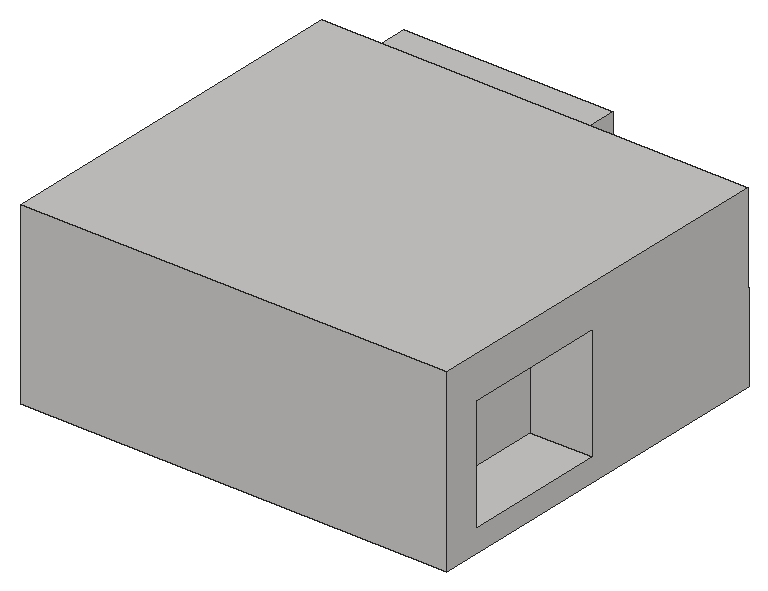
Revit family
Parameters
  Width = 3' - 0 1/8"
  Voltage = 277 V
  Unit Weight = "145.0 lbs"
  UltraLoc Liner = Choose Liner Option = 3  # no
  URL = "http://www.titus-hvac.com/"
  UL = "181"
  Supply Air Flow [instance] = 0 CFM
  SteriLoc Liner = Choose Liner Option = 2  # no
  Primary Air Pressure Drop [instance] = 0.00 in-wg
  Primary Air Flow [instance] = 0 CFM
  Plenum Air Pressure Drop [instance] = 0.00 in-wg
  Plenum Air Flow [instance] = 0 CFM
  Outlet Width = 1' - 2"
  Outlet Vertical Offset = 0' - 1 1/8"
  Outlet Horizontal Offset = 0' - 1 3/8"
  Outlet Height = 0' - 11"
  Number of Poles = 1
  Nominal Width = Width + 0' 6 1/4"  # 3' - 6 3/8"
  Nominal Length = Length + 0' 3 3/8"  # 3' - 8 1/4"
  Nominal Inlet Size = 0' - 8"
  Nominal Height = 1' - 5 1/8"
  NFPA = "90A"
  Motor Full Load Amps = 1.3 A
  Model = "DTQS"
  Min. Air Flow = 0 CFM
  Max. Air Flow = 0 CFM
  Material = Galvanized Steel
  Manufacturer = "Titus"
  Length = 3' - 4 7/8"
  Juction Box Offset = 0' - 2 7/8"
  Inlet Diameter = Nominal Inlet Size - 0' 0 1/8"  # 0' - 7 7/8"
  Induced Air Inlet Offset = 0' - 4 1/2"
  Induced Air Inlet Width = 1' - 1 1/4"
  Induced Air Inlet Height = 1' - 2 1/2"
  Induced Air Filter = no
  Heating Total Capacity [instance] = 0 Btu/h
  Half Outlet Connection Width = Outlet Width / 2  # 0' - 7"
  Half Outlet Connection Height = Outlet Height / 2  # 0' - 5 1/2"
  Half Height Start = -(Nominal Height / 2)  # -0' - 8 9/16"
  Half Height End = Nominal Height / 2  # 0' - 8 9/16"
  HP-Motor = "1/6"
  Frequency = 60 Hz
  Filter Size = "19\"x17\""
  Fiber Free Liner = Choose Liner Option = 1  # no
  Fan Disconnect Switch = no
  Duct Radius = Nominal Inlet Size / 2  # 0' - 4"
  Description = "Series Fan Powered Terminal Unit, Direct Digital Control, Pressure Independent"
  Connection Void Radius = Connection Radius - 0' 0 1/4"  # 0' - 3 11/16"
  Connection Radius = Inlet Diameter / 2  # 0' - 3 15/16"
  Choose Liner Option = 0
  CADworks URL = "www.CADworks.net"
  Assembly Code = "D3040100"
  Apparent Power = Voltage * Motor Full Load Amps  # 360.1 VA
  Air Inlet Offset = 0' - 6"
  1/2" Fiberglass Liner = Choose Liner Option = 0  # yes
Reference planes (in)
  plane 1 "Center (Front/Back)": y = 0
  plane 2: z = 0
  plane 3 "Center (Left/Right)": x = 3
  plane 4: x = -17.4375
  plane 5: x = 23.4375
  plane 6: x = -14.5625
  plane 7: x = -20.8125
  plane 8 "Center (Elevation)": z = 0
  plane 9: y = -18.0625
  plane 10: y = 18.0625
  plane 11: y = 12.0625
  plane 12: y = -13.5625
  plane 13: x = -11.4375
  plane 14: x = 17.4375
  plane 15: y = 24.3125
  plane 16: z = 8.5625
  plane 17: z = -8.5625
Forms (in)
  Extrusion 1, solid, material "Galvanized Steel" <- "Material"
    sketch origin (61, -3.76302, 78.80279) x (1, 0, 0) y (0, 1, 0)
      loop
        line (-78.4375, 21.82552) -> (-78.4375, -14.29948) -> (-37.5625, -14.29948) -> (-37.5625, 21.82552) -> (-78.4375, 21.82552)
    from -87.36529 <- "Half Height Start" to -70.24029 <- "Half Height End"
  Extrusion 2, solid, material "Galvanized Steel" <- "Material"
    sketch origin (4.0625, 0, 42) x (1, 0, 0) y (0, 1, 0)
      loop
        line (-18.625, 18.0625) -> (1.375, 18.0625) -> (1.375, 24.3125) -> (-18.625, 24.3125) -> (-18.625, 18.0625)
    from -48 to -36
  Extrusion 3, void
    sketch origin (23.4375, 18.0625, 76.42779) x (0, 1, 0) y (0, 0, -1)
      loop
        line (-18.625, 71.86529) -> (-18.625, 82.86529) -> (-32.625, 82.86529) -> (-32.625, 71.86529) -> (-18.625, 71.86529)
    from 0 to 6
  Extrusion 4, solid, material "Galvanized Steel" <- "Material"
    sketch origin (-24.875, -0.4375, 0) x (0, 0, -1) y (0, 1, 0)
      loop
        circle (0, 12.5) r 3.9375
    from 4.0625 to 7.4375
  Extrusion 5, void
    sketch origin (-24.875, 0, 0) x (0, 1, 0) y (0, 0, 1)
      loop
        circle (12.0625, 0) r 3.6875
    from 4.0625 to 13.4375
  Extrusion 6, void
    sketch origin (-17.4375, -18.0625, 78.67779) x (0, -1, 0) y (0, 0, -1)
      loop
        line (-17.75, 71.49029) -> (-4.5, 71.49029) -> (-4.5, 85.99029) -> (-17.75, 85.99029) -> (-17.75, 71.49029)
    from 0 to 6
Cuts and joins
  Extrusion 3, Extrusion 5, Extrusion 6 cuts Extrusion 1
  Extrusion 5 cuts Extrusion 4
Dimensions and locks (in)
  "Length": plane 5 to plane 4
  equal spacing: plane 5, plane 3 "Center (Left/Right)", plane 4
  locked: Extrusion 2 to plane 6 at 0
  locked: Extrusion 2 to Extrusion 2 at 20
  "Juction Box Offset": plane 6 to plane 4
  "Outlet Height": Extrusion 3 sketch curve to Extrusion 3 sketch curve
  "Outlet Width": Extrusion 3 sketch curve to Extrusion 3 sketch curve
  locked: plane 4 to plane 7 at 3.375
  "Width": plane 9 to plane 10
  equal spacing: plane 9, plane 1 "Center (Front/Back)", plane 10
  locked: Extrusion 4 sketch curve to level at 0
  locked: Extrusion 4 sketch curve to plane 11 at 0
  locked: Extrusion 5 sketch curve to level at 0
  locked: Extrusion 5 sketch curve to plane 11 at 0
  locked: Extrusion 2 to Extrusion 2 at 6.25
  "Air Inlet Offset": plane 10 to plane 11
  locked: Extrusion 2 to plane 10 at 0
  locked: cut or joined group of Extrusion 4, Extrusion 5 to plane 7 at 0
  locked: cut or joined group of Extrusion 4, Extrusion 5 to cut or joined group of Extrusion 4, Extrusion 5 at 3.375
  "Induced Air Inlet Offset": plane 9 to plane 12
  "Induced Air Inlet Width": Extrusion 6 sketch curve to Extrusion 6 sketch curve
  "Induced Air Inlet Height": Extrusion 6 sketch curve to Extrusion 6 sketch curve
  "Induced Air Inlet Offset": Extrusion 6 sketch curve to plane 9
  locked: plane 9 to Extrusion 3 sketch curve at 3.5
  cut or joined group of Extrusion 1, Extrusion 3, Extrusion 5, Extrusion 6 to Extrusion 6 sketch curve = 0' - 1 3/8"
  cut or joined group of Extrusion 1, Extrusion 3, Extrusion 5, Extrusion 6 to Extrusion 3 sketch curve = 0' - 2 1/8"
  locked: Extrusion 2 to Extrusion 2 at 12
  equal spacing: Extrusion 2, level, Extrusion 2
  locked: cut or joined group of Extrusion 1, Extrusion 3, Extrusion 5, Extrusion 6 to cut or joined group of Extrusion 1, Extrusion 3, Extrusion 5, Extrusion 6 at 17.125
  equal spacing: cut or joined group of Extrusion 1, Extrusion 3, Extrusion 5, Extrusion 6, level, cut or joined group of Extrusion 1, Extrusion 3, Extrusion 5, Extrusion 6
  locked: plane 4 to plane 13 at 6
  locked: plane 14 to plane 5 at 6
  "Connection Radius": radius of Extrusion 4 sketch curve
  "Connection Void Radius": radius of Extrusion 5 sketch curve
  aligned and locked: cut or joined group of Extrusion 1, Extrusion 3, Extrusion 5, Extrusion 6 to plane 10
  aligned and locked: plane 9 to cut or joined group of Extrusion 1, Extrusion 3, Extrusion 5, Extrusion 6
  aligned and locked: plane 5 to cut or joined group of Extrusion 1, Extrusion 3, Extrusion 5, Extrusion 6
  aligned and locked: cut or joined group of Extrusion 1, Extrusion 3, Extrusion 5, Extrusion 6 to plane 4
  aligned and locked: Extrusion 3 to plane 14
  aligned and locked: plane 13 to Extrusion 6
  aligned and locked: Extrusion 6 to Extrusion 5
Automatic sketch dimensions
  plane 4 to Extrusion 1 sketch curve = 0' - 0"
  plane 5 to Extrusion 1 sketch curve = 0' - 0"
  plane 9 to Extrusion 1 sketch curve = 0' - 0"
  plane 10 to Extrusion 1 sketch curve = 0' - 0"
  Extrusion 2 sketch curve to plane 6 = 0' - 0"
  Extrusion 2 sketch curve to plane 10 = 0' - 0"
  plane 3 "Center (Left/Right)" to Extrusion 2 sketch curve = 0' - 2 7/16"
  Extrusion 2 sketch curve to plane 10 = 0' - 6 1/4"
Connectors (in)
  electrical at (-4.5625, 24.3125, 0), driven by "Apparent Power", driven by "Voltage", driven by "Number of Poles"
    settings: on Extrusion 2, index 8
  hvac at (-20.8125, 12.0625, 0), driven by "Primary Air Flow", driven by "Duct Radius", driven by "Primary Air Pressure Drop"
    settings: on cut or joined group of Extrusion 4, Extrusion 5, index 9
  hvac at (-17.4375, -6.9375, -0.0625), driven by "Induced Air Inlet Width", driven by "Induced Air Inlet Height", driven by "Plenum Air Pressure Drop", driven by "Plenum Air Flow"
    settings: on cut or joined group of Extrusion 1, Extrusion 3, Extrusion 5, Extrusion 6, index 14
  hvac at (23.4375, -7.5625, -0.9375), driven by "Supply Air Flow", driven by "Outlet Width", driven by "Outlet Height"
    settings: on cut or joined group of Extrusion 1, Extrusion 3, Extrusion 5, Extrusion 6, index 15
